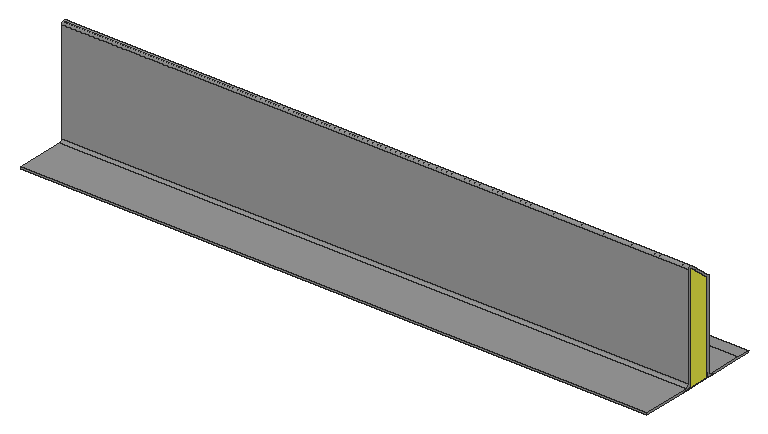
Revit family "XHD K 50", category Generic Models, Revit 2014
Parameters (values of type "Max lintel length 2700mm")
  URL = "http://www.keystonelintels.co.uk"
  Structural Opening [instance] = 900 mm
  Structural Performance = "The Keystone lintel range has safe working loads as detailed in each applicable loading table in the Keystone Lintel Guide brochure. The structural performance figures within each table have been ascertained by testing in accordance with the requirements of standards BS EN 5977-2: 1983 and BS EN 845-2: 2003."
  RIBA Productor Selector = "available for Keystone Lintels Ltd from Keystone Lintels Ltd from ribaproductselector.com"
  Model = "XHD/K 50"
  Min Length = 600 mm
  Min Clear Span = 300 mm
  Max Length = 2700 mm
  Max Clear Span = 2700 mm
  Material - Stainless Steel = "Grade 304 2b 1.4307 to BS EN 10088-2. Other grades available on request: contact manufacturer."
  Material - Galvanised Steel = "To BS EN 10346: 2009. DX51D plus Z600 or grade Z275 to BS 5977-2: 1983 (BS EN 845-2: 2003)."
  Manufacturer = "Keystone"
  Manufactured Length [instance] = (roundup(Effective Length / 150 mm) * 150 mm)  # 1200 mm
  Lintel height [instance] = 2100 mm
  Keynote = "F30/755"
  Fire Performance = "Keystone lintels have been subjected to a fire test (WARRES No. 101263) in accordance with BS 476-20: 1987, at Exova Warrington Fire and achieved a one hour fire performance."
  End Bearing = 150 mm
  Effective Length [instance] = Clear Opening with MIN MAX set + End Bearing * 2  # 1200 mm
  Corrosion = "Keystone’s standard range of lintels are manufactured from high quality grade pre-galvanized carbon steel with a zinc coating of 600"
  Contact Tel = "+44 (0)28 8676 2184"
  Contact Email = "info@keystonelintels.co.uk"
  Clear Opening with MIN MAX set [instance] = if(Structural Opening < Min Clear Span, Min Clear Span, (if(Structural Opening > Max Clear Span, Max Clear Span, Structural Opening)))  # 900 mm
  CPD Information = "Available for Keystone Lintels Ltd from ribacpd.com"
Reference planes
  plane 1 "Center (Front/Back)": y = 0
  plane 2: z = 0
  plane 3 "Center (Left/Right)": x = 0
  plane 4: x = -600
  plane 5: x = 600
  plane 6: z = 2100
  plane 7: x = -450
  plane 8: x = 450
Forms (mm)
  Extrusion 1, solid, material "Steel"
    sketch origin (0, 713.2, -506.216) x (0, 1, 0) y (0, 0, 1)
      loop
        line (-595.597, 2605.355) -> (-595.486, 2608.553) -> (-620.486, 2609.416) -> (-685.486, 2609.416)
        arc (-685.486, 2609.416) -> (-689.022, 2610.881) -> (-690.486, 2614.416) r 5
        line (-690.486, 2614.416) -> (-690.486, 2778.496)
        arc (-690.486, 2778.496) -> (-690.973, 2780.693) -> (-692.342, 2782.478) r 5.2
        line (-692.342, 2782.478) -> (-729.942, 2814.048)
        arc (-729.942, 2814.048) -> (-735.483, 2814.779) -> (-738.486, 2810.066) r 5.2
        line (-738.486, 2810.066) -> (-738.486, 2614.416)
        arc (-738.486, 2614.416) -> (-739.951, 2610.881) -> (-743.486, 2609.416) r 5
        line (-743.486, 2609.416) -> (-838.486, 2609.416) -> (-838.486, 2606.216) -> (-743.486, 2606.216)
        arc (-743.486, 2606.216) -> (-737.688, 2608.618) -> (-735.286, 2614.416) r 8.2
        line (-735.286, 2614.416) -> (-735.286, 2810.066)
        arc (-735.286, 2810.066) -> (-734.131, 2811.879) -> (-732, 2811.598) r 2
        line (-732, 2811.598) -> (-694.4, 2780.028)
        arc (-694.4, 2780.028) -> (-693.873, 2779.341) -> (-693.686, 2778.496) r 2
        line (-693.686, 2778.496) -> (-693.686, 2614.416)
        arc (-693.686, 2614.416) -> (-691.284, 2608.618) -> (-685.486, 2606.216) r 8.2
        line (-685.486, 2606.216) -> (-620.541, 2606.216) -> (-595.597, 2605.355)
    from -600 to 600
  Extrusion 2, solid, material "Steel"
    sketch origin (0, 713.2, -506.216) x (0, 1, 0) y (0, 0, 1)
      loop
        line (-676.986, 2605.216) -> (-676.986, 2606.216) -> (-693.986, 2606.216) -> (-693.986, 2614.216) -> (-694.986, 2614.216) -> (-694.986, 2606.216) -> (-751.986, 2606.216) -> (-751.986, 2605.216) -> (-676.986, 2605.216)
    from -600 to 600
  Extrusion 3, solid, material "Insulation"
    sketch origin (0, 713.2, -506.216) x (0, 1, 0) y (0, 0, 1)
      loop
        line (-743.486, 2606.216) -> (-694.986, 2606.216) -> (-694.986, 2614.216) -> (-693.986, 2614.216) -> (-693.986, 2606.216) -> (-685.486, 2606.216)
        arc (-685.486, 2606.216) -> (-691.284, 2608.618) -> (-693.686, 2614.416) r 8.2
        line (-693.686, 2614.416) -> (-693.686, 2778.496)
        arc (-693.686, 2778.496) -> (-693.873, 2779.341) -> (-694.4, 2780.028) r 2
        line (-694.4, 2780.028) -> (-732, 2811.598)
        arc (-732, 2811.598) -> (-734.131, 2811.879) -> (-735.286, 2810.066) r 2
        line (-735.286, 2810.066) -> (-735.286, 2614.416)
        arc (-735.286, 2614.416) -> (-737.688, 2608.618) -> (-743.486, 2606.216) r 8.2
    from -600 to 600
  Extrusion 4, solid, not visible
    sketch origin (0, 941.926, 1242.656) x (0, 1, 0) y (0, 0, 1)
      loop
        line (-595.597, 1005.355) -> (-595.486, 1008.553) -> (-620.486, 1009.416) -> (-685.486, 1009.416)
        arc (-685.486, 1009.416) -> (-689.022, 1010.881) -> (-690.486, 1014.416) r 5
        line (-690.486, 1014.416) -> (-690.486, 1178.496)
        arc (-690.486, 1178.496) -> (-690.973, 1180.693) -> (-692.342, 1182.478) r 5.2
        line (-692.342, 1182.478) -> (-729.942, 1214.048)
        arc (-729.942, 1214.048) -> (-735.483, 1214.779) -> (-738.486, 1210.066) r 5.2
        line (-738.486, 1210.066) -> (-738.486, 1014.416)
        arc (-738.486, 1014.416) -> (-739.951, 1010.881) -> (-743.486, 1009.416) r 5
        line (-743.486, 1009.416) -> (-838.486, 1009.416) -> (-838.486, 1006.216) -> (-743.486, 1006.216)
        arc (-743.486, 1006.216) -> (-737.688, 1008.618) -> (-735.286, 1014.416) r 8.2
        line (-735.286, 1014.416) -> (-735.286, 1210.066)
        arc (-735.286, 1210.066) -> (-734.131, 1211.879) -> (-732, 1211.598) r 2
        line (-732, 1211.598) -> (-694.4, 1180.028)
        arc (-694.4, 1180.028) -> (-693.873, 1179.341) -> (-693.686, 1178.496) r 2
        line (-693.686, 1178.496) -> (-693.686, 1014.416)
        arc (-693.686, 1014.416) -> (-691.284, 1008.618) -> (-685.486, 1006.216) r 8.2
        line (-685.486, 1006.216) -> (-620.541, 1006.216) -> (-595.597, 1005.355)
    from 0 to 250
  Extrusion 5, solid, not visible
    sketch origin (0, 596.569, 1242.812) x (0, 1, 0) y (0, 0, 1)
      loop
        line (-743.486, 1006.216) -> (-694.986, 1006.216) -> (-694.986, 1014.216) -> (-693.986, 1014.216) -> (-693.986, 1006.216) -> (-685.486, 1006.216)
        arc (-685.486, 1006.216) -> (-691.284, 1008.618) -> (-693.686, 1014.416) r 8.2
        line (-693.686, 1014.416) -> (-693.686, 1178.496)
        arc (-693.686, 1178.496) -> (-693.873, 1179.341) -> (-694.4, 1180.028) r 2
        line (-694.4, 1180.028) -> (-732, 1211.598)
        arc (-732, 1211.598) -> (-734.131, 1211.879) -> (-735.286, 1210.066) r 2
        line (-735.286, 1210.066) -> (-735.286, 1014.416)
        arc (-735.286, 1014.416) -> (-737.688, 1008.618) -> (-743.486, 1006.216) r 8.2
    from 0 to 250
  Extrusion 6, solid, not visible
    sketch origin (0, 851.255, 1024.249) x (0, 1, 0) y (0, 0, 1)
      loop
        line (-676.986, 1005.216) -> (-676.986, 1006.216) -> (-693.986, 1006.216) -> (-693.986, 1014.216) -> (-694.986, 1014.216) -> (-694.986, 1006.216) -> (-751.986, 1006.216) -> (-751.986, 1005.216) -> (-676.986, 1005.216)
    from 0 to 250
Dimensions and locks
  equal spacing: plane 4, plane 3 "Center (Left/Right)", plane 5
  "Manufactured Length": plane 4 to plane 5
  "Lintel height": plane 6 to level
  "Structural Opening": plane 7 to plane 8
  equal spacing: plane 7, plane 3 "Center (Left/Right)", plane 8
  aligned and locked: level to plane 2
  aligned and locked: Extrusion 1 to plane 6
  aligned and locked: Extrusion 3 to plane 6
  aligned and locked: plane 6 to Extrusion 2
  aligned and locked: plane 5 to Extrusion 1
  aligned and locked: Extrusion 1 to plane 4
  aligned and locked: plane 5 to Extrusion 3
  aligned and locked: Extrusion 3 to plane 4
  aligned and locked: plane 5 to Extrusion 2
  aligned and locked: Extrusion 2 to plane 4
Automatic sketch dimensions
  Extrusion 1 sketch curve to Extrusion 1 sketch curve = 64.945 mm
  Extrusion 1 sketch curve to Extrusion 1 sketch curve = 24.945 mm
  Extrusion 1 sketch curve to Extrusion 1 sketch curve = 0.861 mm
  Extrusion 1 sketch curve to Extrusion 1 sketch curve = 0.11 mm
  Extrusion 1 sketch curve to Extrusion 1 sketch curve = 0.055 mm
  Extrusion 1 sketch curve to Extrusion 1 sketch curve = 5 mm  (x2)
  Extrusion 1 sketch curve to Extrusion 1 sketch curve = 164.08 mm
  Extrusion 1 sketch curve to Extrusion 1 sketch curve = 2 mm
  Extrusion 1 sketch curve to Extrusion 1 sketch curve = 0.714 mm
  Extrusion 1 sketch curve to Extrusion 1 sketch curve = 2.058 mm  (x2)
  Extrusion 1 sketch curve to Extrusion 1 sketch curve = 37.6 mm
  Extrusion 1 sketch curve to Extrusion 1 sketch curve = 31.57 mm
  Extrusion 1 sketch curve to Extrusion 1 sketch curve = 2.451 mm
  Extrusion 1 sketch curve to Extrusion 1 sketch curve = 1.286 mm
  Extrusion 1 sketch curve to Extrusion 1 sketch curve = 1.532 mm
  Extrusion 1 sketch curve to Extrusion 1 sketch curve = 0 mm  (x17)
  Extrusion 1 sketch curve to Extrusion 1 sketch curve = 95 mm
  Extrusion 2 sketch curve to Extrusion 2 sketch curve = 75 mm
  Extrusion 2 sketch curve to Extrusion 2 sketch curve = 1 mm  (x2)
  Extrusion 2 sketch curve to Extrusion 2 sketch curve = 17 mm
  Extrusion 2 sketch curve to Extrusion 2 sketch curve = 8 mm
  Extrusion 2 sketch curve to Extrusion 2 sketch curve = 0 mm
  Extrusion 3 sketch curve to Extrusion 3 sketch curve = 48.5 mm
  Extrusion 3 sketch curve to Extrusion 3 sketch curve = 8 mm
  Extrusion 3 sketch curve to Extrusion 3 sketch curve = 1 mm
  Extrusion 3 sketch curve to Extrusion 3 sketch curve = 0 mm  (x2)
  Extrusion 3 sketch curve to Extrusion 3 sketch curve = 8.5 mm  (x2)
  Extrusion 3 sketch curve to Extrusion 3 sketch curve = 8.2 mm  (x3)
  Extrusion 3 sketch curve to Extrusion 3 sketch curve = 164.08 mm
  Extrusion 3 sketch curve to Extrusion 3 sketch curve = 31.57 mm
  Extrusion 3 sketch curve to Extrusion 3 sketch curve = 2 mm
  Extrusion 3 sketch curve to Extrusion 3 sketch curve = 0.714 mm
  Extrusion 3 sketch curve to Extrusion 3 sketch curve = 3.286 mm
  Extrusion 3 sketch curve to Extrusion 3 sketch curve = 1.532 mm
  Extrusion 3 sketch curve to Extrusion 3 sketch curve = 0.2 mm
  Extrusion 4 sketch curve to Extrusion 4 sketch curve = 64.945 mm
  Extrusion 4 sketch curve to Extrusion 4 sketch curve = 24.945 mm
  Extrusion 4 sketch curve to Extrusion 4 sketch curve = 0.861 mm
  Extrusion 4 sketch curve to Extrusion 4 sketch curve = 0.11 mm
  Extrusion 4 sketch curve to Extrusion 4 sketch curve = 0.055 mm
  Extrusion 4 sketch curve to Extrusion 4 sketch curve = 5 mm  (x2)
  Extrusion 4 sketch curve to Extrusion 4 sketch curve = 164.08 mm
  Extrusion 4 sketch curve to Extrusion 4 sketch curve = 2 mm
  Extrusion 4 sketch curve to Extrusion 4 sketch curve = 0.714 mm
  Extrusion 4 sketch curve to Extrusion 4 sketch curve = 2.058 mm  (x2)
  Extrusion 4 sketch curve to Extrusion 4 sketch curve = 37.6 mm
  Extrusion 4 sketch curve to Extrusion 4 sketch curve = 31.57 mm
  Extrusion 4 sketch curve to Extrusion 4 sketch curve = 2.451 mm
  Extrusion 4 sketch curve to Extrusion 4 sketch curve = 1.286 mm
  Extrusion 4 sketch curve to Extrusion 4 sketch curve = 1.532 mm
  Extrusion 4 sketch curve to Extrusion 4 sketch curve = 0 mm  (x17)
  Extrusion 4 sketch curve to Extrusion 4 sketch curve = 95 mm
  Extrusion 5 sketch curve to Extrusion 5 sketch curve = 48.5 mm
  Extrusion 5 sketch curve to Extrusion 5 sketch curve = 8 mm
  Extrusion 5 sketch curve to Extrusion 5 sketch curve = 1 mm
  Extrusion 5 sketch curve to Extrusion 5 sketch curve = 0 mm  (x2)
  Extrusion 5 sketch curve to Extrusion 5 sketch curve = 8.5 mm  (x2)
  Extrusion 5 sketch curve to Extrusion 5 sketch curve = 8.2 mm  (x3)
  Extrusion 5 sketch curve to Extrusion 5 sketch curve = 164.08 mm
  Extrusion 5 sketch curve to Extrusion 5 sketch curve = 31.57 mm
  Extrusion 5 sketch curve to Extrusion 5 sketch curve = 2 mm
  Extrusion 5 sketch curve to Extrusion 5 sketch curve = 0.714 mm
  Extrusion 5 sketch curve to Extrusion 5 sketch curve = 3.286 mm
  Extrusion 5 sketch curve to Extrusion 5 sketch curve = 1.532 mm
  Extrusion 5 sketch curve to Extrusion 5 sketch curve = 0.2 mm
  Extrusion 6 sketch curve to Extrusion 6 sketch curve = 75 mm
  Extrusion 6 sketch curve to Extrusion 6 sketch curve = 1 mm  (x2)
  Extrusion 6 sketch curve to Extrusion 6 sketch curve = 17 mm
  Extrusion 6 sketch curve to Extrusion 6 sketch curve = 8 mm
  Extrusion 6 sketch curve to Extrusion 6 sketch curve = 0 mm
  Extrusion 3 sketch curve to plane 6 = 0 mm
  plane 1 "Center (Front/Back)" to Extrusion 3 sketch curve = 30.286 mm
  Extrusion 1 sketch curve to plane 6 = 0 mm
  plane 1 "Center (Front/Back)" to Extrusion 1 sketch curve = 125.286 mm
  Extrusion 2 sketch curve to plane 6 = 0 mm
  plane 1 "Center (Front/Back)" to Extrusion 2 sketch curve = 38.786 mm
